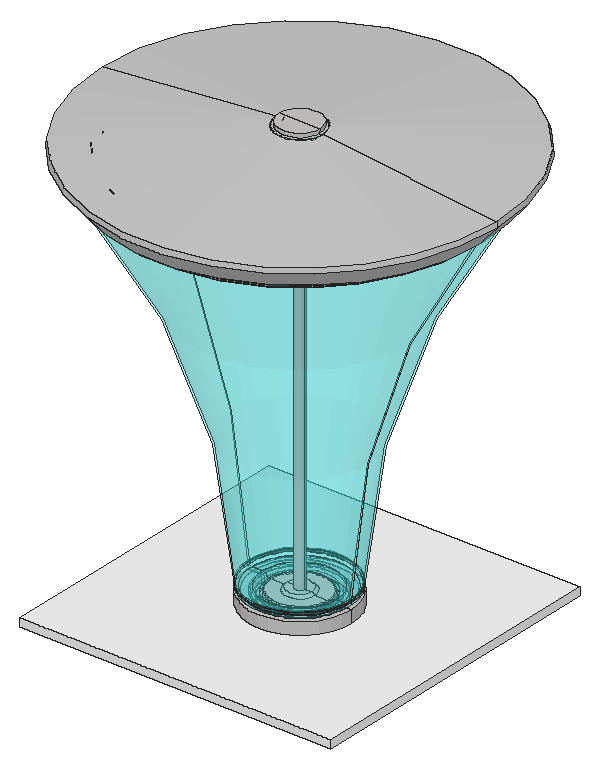
Revit family "BE_77135_de_DE", category Leuchten, Revit 2015
Parameters (values of type "BEGA_77135_Silber_K4")
  built-in parameter 1150104 = 12.774 (stored number, unit not read)
  Windangriffsfläche = "0.15 m²"
  Werkzeuglos = ""
  Wattage = 32 W
  Default Elevation = 0 mm
  built-in parameter 1150113 = 1 (stored number, unit not read)
  built-in parameter 1114218 = 1 (stored number, unit not read)
  Umgebungstemperatur = "25 °C"
  URL = "http://www.bega.de/produkt/77135"
  Typenkommentare = "© 2015 BEGA. Wir behalten uns das Recht vor, technische Änderungen ohne vorherige Ankündigung vorzunehmen."  # constant formula
  Type Image = 77135.png
  built-in parameter 1150134 = 12
  built-in parameter 1150109 = 1 (stored number, unit not read)
  Strom = ""
  built-in parameter 1150110 = 1 (stored number, unit not read)
  Spannung = 0 V
  Sonderanfertigung = no
  Sockeltyp = ""
  Seriennummer [instance] = "Hier können Sie die eindeutige Seriennummer für das Facility Management eintragen."
  Schutzklasse = "II"
  Schutzart = "IP 65"
  Scheinlast = 0 VA
  Produktdatenblatt = "http://www.bega.de/download/datenblaetter/de/77135.pdf"
  Oberflächentemperatur = ""
  Neigungswinkel = 0.00°
  Modell = "77135A"
  Material_19 = BEGA_Dummy_matt
  Material_17 = BEGA_Reflektor
  Material_15 = BEGA_Leuchtmedium_matt
  Material_13 = BEGA_Kunststoff_matt
  Material_12 = BEGA_Kunststoff_klar
  Material_06 = BEGA_Oberfläche_Edelstahl_gebürstet
  Material_02 = BEGA_Oberfläche_Silber_matt
  Material_01 [instance] = BEGA_Oberfläche_Grafit_matt
  Mastzopfhöhe_h = ""
  Mastzopfdurchmesser_d = ""
  Mastzopf_Ø [instance] = "76 mm"  # constant formula
  Masthöhe_H = ""
  Mastdurchmesser_unten_Ø = ""
  Mast Gruppe = ""
  M_W = no
  M_G = no
  M_A = yes
  Logo = 0
  built-in parameter 1114217 = 1 (stored number, unit not read)
  built-in parameter 1150139 = (empty or 0)
  built-in parameter 1150105 = 350.14 (stored number, unit not read)
  built-in parameter 1150114 = 1 (stored number, unit not read)
  Lumens = 4400 lm
  Lichtpunkthöhe [instance] = ""
  built-in parameter 1150115 = 1 (stored number, unit not read)
  Leuchtenlichtstrom = "2369 lm"
  Leuchtenanzahl = ""
  Lebensdauerkriterien = "L70 = 50.000 h"
  Lastklassifizierung = Beleuchtung
  built-in parameter 1150112 = 1 (stored number, unit not read)
  Lampenlichtstrom = "4400 lm"
  Lampe = "LED 32 W"
  LED_Modulbezeichnung = "8x LED-0412/840 "
  built-in parameter 1150142 = (empty or 0)
  Hersteller = "BEGA"  # constant formula
  Halbstreuwinkel = ""
  Gewicht = "10.4 kg"
  Frequenz = "50-60 Hz"
  Farbwiedergabeindex = "Ra > 80"
  Farbtemperaturverschiebung bei Dämpfen der Lampe = <Keine Auswahl>
  Farbtemperatur = "4000 K"
  Color Filter = 16777215
  Erdstücklänge_E = ""
  Erdstück [instance] = no
  built-in parameter 1150133 = 10 (stored number, unit not read)
  Energieeffizienzklasse = "LED A++ - A"
  Einstecktiefe = "110 mm"
  built-in parameter 1150137 = (empty or 0)
  built-in parameter 1150132 = (empty or 0)
  ENEC = ""
  Dimmbar [instance] = "1-10 V SELV"
  Datei für fotometrisches Netz = "BE_77135.IES"
  CE_Konformität = "ja"
  Bestellnummer_Erdstück [instance] = ""
  Bestellnummer = "77135A"
  Beschreibung_Sonderanfertigung = "Hier können Sie Informationen zur Sonderanfertigung eintragen."
  Beschreibung = "Aufsatzleuchte"
  built-in parameter 1150106 = 3.5014 (stored number, unit not read)
  BEGA_Intern_aus = yes
  BEGA_Intern_an = yes
  BEGA_Intern_Konstruktion = yes
  BEGA_Intern = yes
  BEGA_Infotext_Winkel [instance] = no
  BEGA_IES = yes
  BEGA_Dummy = no
  Anschlussleitung = "6.0 m X05BQ-F 4 × 1²"
  Anschlussleistung [instance] = "37.5 W"
  Anschlusskasten = ""
  built-in parameter 1150107 = 4000 (stored number, unit not read)
  built-in parameter 1150102 = (empty or 0)
  built-in parameter 1150138 = (empty or 0)
  Aktualisierung = "2016-01-21T04:09:11"
  Abstand_zur_angestrahlten_Fläche [instance] = ""
  AC/DC = "AC"
Types (5, lengths in mm): name | built-in parameter 1150104 | built-in parameter 1150134 | Modell | M_G | M_A | built-in parameter 1150105 | Lumens | Leuchtenlichtstrom | Lampenlichtstrom | LED_Modulbezeichnung | Farbtemperatur | Datei für fotometrisches Netz | Bestellnummer | built-in parameter 1150106 | built-in parameter 1150107
  (no name) | 12.774 (stored number, unit not read) | 12 | "77135A" | no | yes | 350.14 (stored number, unit not read) | 4400 lm | "2369 lm" | "4400 lm" | "8x LED-0412/840 " | "4000 K" | "BE_77135.IES" | "77135A" | 3.5014 (stored number, unit not read) | 4000 (stored number, unit not read)
  BEGA_77135_Silber_K4 | 12.774 (stored number, unit not read) | 12 | "77135A" | no | yes | 350.14 (stored number, unit not read) | 4400 lm | "2369 lm" | "4400 lm" | "8x LED-0412/840 " | "4000 K" | "BE_77135.IES" | "77135A" | 3.5014 (stored number, unit not read) | 4000 (stored number, unit not read)
  BEGA_77135_Grafit_K4 | 12.774 (stored number, unit not read) | 12 | "77135" | yes | no | 350.14 (stored number, unit not read) | 4400 lm | "2369 lm" | "4400 lm" | "8x LED-0412/840 " | "4000 K" | "BE_77135.IES" | "77135" | 3.5014 (stored number, unit not read) | 4000 (stored number, unit not read)
  BEGA_77135_Grafit_K3 | 11.961 (stored number, unit not read) | (empty or 0) | "77135K3" | yes | no | 327.86 (stored number, unit not read) | 4120 lm | "2218 lm" | "4120 lm" | "8x LED-0412/830 " | "3000 K" | "BE_77135K3.IES" | "77135K3" | 3.2786 (stored number, unit not read) | 3000 (stored number, unit not read)
  BEGA_77135_Silber_K3 | 11.961 (stored number, unit not read) | (empty or 0) | "77135AK3" | no | yes | 327.86 (stored number, unit not read) | 4120 lm | "2218 lm" | "4120 lm" | "8x LED-0412/830 " | "3000 K" | "BE_77135K3.IES" | "77135AK3" | 3.2786 (stored number, unit not read) | 3000 (stored number, unit not read)
Reference planes
  plane 1 "Mitte (Vorne/Hinten)": y = 0
  plane 2: z = 0
  plane 3 "Mitte (Links/Rechts)": x = 0
  plane 4 "Links": x = -255.051
  plane 5 "Rechts": x = 255.051
  plane 6 "Unten": y = -255.051
  plane 7 "Oben": y = 255.051
  plane 8 "Vorne": z = 554.848
  plane 9 "Hinten": z = -110
Forms (mm)
  Extrusion 1, solid, material "BEGA_Platte_Weiss"
    sketch origin (0, -1119.2, 0) x (1, 0, 0) y (0, 1, 0)
      loop
        line (-200, 1319.2) -> (-200, 919.2) -> (200, 919.2) -> (200, 1319.2) -> (-200, 1319.2)
    from 0 to -10
  Extrusion 2, solid, material "BEGA_Dummy_matt", visible <- "BEGA_Dummy"
    sketch origin (77.149, -76.023, 0) x (1, 0, 0) y (0, 1, 0)
      loop
        circle (-77.149, 76.023) r 255
    from -110 to 554.848
Dimensions and locks
  plane 1 "Mitte (Vorne/Hinten)" to Extrusion 1 = 200 mm
  aligned and locked: plane 2 to Extrusion 1
  aligned and locked: level to Extrusion 1
Nested families
  nested 1: "BE_77135_Leuchtenkörper" at (0, 0, 0), type "BE_77135_Leuchtenkörper"
    with BEGA_Infotext_Winkel no
Connectors
  electrical at (0, 0, 0), driven by "Lastklassifizierung", driven by "Spannung", driven by "Scheinlast"
    settings: index 1, voltage 0 V, apparent load 0 VA, apparent load phase1 0 VA, apparent load phase2 0 VA, apparent load phase3 0 VA, power factor 1, load classification "Beleuchtung", number of poles 1, system type 31, power factor state 1, is connector primary yes, connector utility no, sub classification motor no, connector description ""
Definition of nested family "BE_77135_Leuchtenkörper"
  Parameters (values of type "BE_77135_Leuchtenkörper")
    Default Elevation = 1 mm
    URL = "http://www.bega.de/de/produkt"
    Type Comments = "© 2015 BEGA. Wir behalten uns das Recht vor, technische Änderungen ohne vorherige Ankündigung vorzunehmen. "  # constant formula
    Type Image = Bega_Revit_Typenbild_78x78.png
    Material_19 = none
    Material_17 = none
    Material_15 = none
    Material_13 = none
    Material_12 = none
    Material_06 = none
    Material_02 = none
    Material_01 = none
    M_G = yes
    M_A = yes
    Länge_Platte = 200 mm  # constant formula
    Höhe_Platte = -10 mm  # constant formula
    Manufacturer = "BEGA"  # constant formula
    Breite_Platte = 200 mm  # constant formula
    BEGA_Intern = yes
    BEGA_Infotext_Winkel [instance] = no
    Aktualisierung = "Stand: 25.03.2015"  # constant formula
  Reference planes
    plane 1 "Mitte (Oben/Unten)": y = 0
    plane 2: z = 0
    plane 3 "Mitte (Links/Rechts)": x = 0
    plane 4: x = 255.051
    plane 5: x = -255.051
    plane 6: z = 554.848
    plane 7: z = -110
    plane 8: y = 255.051
    plane 9: y = -255.051
  Forms (mm)
    Extrusion 1, solid, detail levels medium
      sketch origin (0, 0, 0) x (1, 0, 0) y (0, 1, 0)
        loop
          line (-100, 100) -> (-100, -100) -> (100, -100) -> (100, 100) -> (-100, 100)
      from 0 to -10 <- "Höhe_Platte"
    Revolve 2, solid, material <- "Material_01", visible <- "M_G", detail levels medium+fine
      sketch origin (0, 0, 0) x (1, 0, 0) y (0, 0, 1)
        loop
          line (-44.341, -110) -> (-42.269, -107.928) -> (-38.567, -1.93)
          arc (-38.567, -1.93) -> (-37.958, -0.561) -> (-36.569, 0) r 2
          line (-36.569, 0) -> (-24.622, 0)
          arc (-24.622, 0) -> (-23.122, -0.402) -> (-22.021, -1.5) r 3
          line (-22.021, -1.5) -> (-20.866, -3.5)
          arc (-20.866, -3.5) -> (-19.77, -4.597) -> (-18.273, -5) r 3
          line (-18.273, -5) -> (-6.5, -5) -> (-6.5, 18) -> (-16, 18) -> (-19, 15) -> (-36.034, 15)
          arc (-36.034, 15) -> (-36.729, 14.719) -> (-37.034, 14.034) r 1
          line (-37.034, 14.034) -> (-37.349, 5) -> (-50.351, 5) -> (-50.666, 14.037)
          arc (-50.666, 14.037) -> (-50.972, 14.72) -> (-51.666, 15) r 1
          line (-51.666, 15) -> (-66.5, 15) -> (-66.5, -11.344)
          arc (-66.5, -11.344) -> (-66.232, -12.344) -> (-65.5, -13.077) r 2
          line (-65.5, -13.077) -> (-55.491, -18.856)
          arc (-55.491, -18.856) -> (-55.132, -19.221) -> (-55, -19.716) r 1
          line (-55, -19.716) -> (-55, -110) -> (-44.341, -110)
        axis (0, 18) -> (0, -110)
      angle from 0 to 360
    Revolve 3, solid, material <- "Material_12", detail levels medium+fine
      sketch origin (0, 0, 0) x (1, 0, 0) y (0, 0, 1)
        loop
          line (-44.305, 7.5) -> (-40.3, 7.5) -> (-40.571, 12.675)
          arc (-40.571, 12.675) -> (-42.681, 17.511) -> (-47.569, 19.5) r 7
          line (-47.569, 19.5) -> (-61.573, 19.5)
          arc (-61.573, 19.5) -> (-63.658, 20.344) -> (-64.571, 22.4) r 3
          line (-64.571, 22.4) -> (-64.672, 25.294)
          arc (-64.672, 25.294) -> (-110.225, 270.595) -> (-225.662, 491.779) r 842
          arc (-225.662, 491.779) -> (-226.065, 492.542) -> (-226.234, 493.389) r 3
          line (-226.234, 493.389) -> (-227.497, 517.5) -> (-229.5, 517.5) -> (-228.23, 493.275)
          arc (-228.23, 493.275) -> (-227.948, 491.869) -> (-227.279, 490.601) r 5
          arc (-227.279, 490.601) -> (-112.106, 269.915) -> (-66.669, 25.164) r 840
          line (-66.669, 25.164) -> (-66.574, 22.448)
          arc (-66.574, 22.448) -> (-64.506, 17.532) -> (-59.574, 15.5) r 7
          line (-59.574, 15.5) -> (-47.572, 15.5)
          arc (-47.572, 15.5) -> (-45.507, 14.676) -> (-44.576, 12.657) r 3
          line (-44.576, 12.657) -> (-44.305, 7.5)
        axis (0, 517.5) -> (0, 7.5)
      angle from 0 to 360
    Revolve 4, solid, material <- "Material_06", detail levels medium+fine
      sketch origin (0, 0, 0) x (1, 0, 0) y (0, 0, 1)
        loop
          line (-5, 5) -> (-5, 473.998) -> (-7.5, 475.5) -> (-7.5, 549.5) -> (-12.25, 549.5) -> (-12.25, 462.5) -> (-15, 462.5) -> (-15, 460) -> (-6.5, 460) -> (-6.5, 5) -> (-5, 5)
        axis (0, 549.5) -> (0, 5)
      angle from 0 to 360
    Revolve 5, solid, material <- "Material_01", visible <- "M_G", detail levels medium+fine
      sketch origin (0, 0, 0) x (1, 0, 0) y (0, 0, 1)
        loop
          line (-234.437, 497.148) -> (-231.997, 497.148) -> (-231.502, 525.5) -> (-223.333, 525.5) -> (-223.158, 515.5) -> (-219.658, 515.5) -> (-219.335, 524.748) -> (-200.014, 524.748) -> (-199.717, 528.992) -> (-29.787, 545.148) -> (0, 545.148) -> (0, 549.648) -> (-29.597, 549.648)
          arc (-29.597, 549.648) -> (-30, 549.638) -> (-30.401, 549.61) r 8.501
          line (-30.401, 549.61) -> (-253.945, 528.357) -> (-255.051, 521.648)
          arc (-255.051, 521.648) -> (-244.613, 509.508) -> (-234.437, 497.148) r 750
        axis (0, 549.648) -> (0, 497.148)
      angle from 0 to 360
    Revolve 6, solid, material <- "Material_06", detail levels fine
      sketch origin (0, 0, 0) x (1, 0, 0) y (0, 0, 1)
        loop
          line (-26, 554.848) -> (-26, 550.348) -> (-18, 550.348) -> (-18, 553.348) -> (-6.8, 553.348) -> (-6.8, 547.148) -> (0, 547.148) -> (0, 554.848) -> (-26, 554.848)
        axis (0, 554.848) -> (0, 547.148)
      angle from 0 to 360
    Revolve 7, solid, material <- "Material_15", detail levels medium+fine
      sketch origin (0, 0, 0) x (1, 0, 0) y (0, 0, 1)
        loop
          line (-207.998, 524.748) -> (-207.998, 523.198) -> (-189.998, 523.198) -> (-189.998, 524.748) -> (-207.998, 524.748)
        axis (0, 524.748) -> (0, 523.198)
      angle from 0 to 360
    Revolve 8, solid, material <- "Material_06", detail levels medium+fine
      sketch origin (0, 0, 0) x (1, 0, 0) y (0, 0, 1)
        loop
          line (56, -26) -> (52.576, -26) -> (52.576, -30) -> (56, -30) -> (56, -26)
        axis (56, -30) -> (52.576, -30)
      angle from 0 to 360
    Revolve 9, solid, material <- "Material_06", detail levels fine
      sketch origin (0, 0, -60.042) x (1, 0, 0) y (0, 0, 1)
        loop
          line (56, -26) -> (52.553, -26) -> (52.553, -30) -> (56, -30) -> (56, -26)
        axis (56, -30) -> (52.553, -30)
      angle from 0 to 360
    Revolve 10, solid, material <- "Material_06", detail levels medium+fine
      sketch origin (0, 0, 0) x (-0.5, 0.866025, 0) y (0, 0, -1)
        loop
          line (56, 26) -> (56, 30) -> (52.576, 30) -> (52.576, 26) -> (56, 26)
        axis (56, 30) -> (52.576, 30)
      angle from 0 to 360
    Revolve 11, solid, material <- "Material_06", detail levels fine
      sketch origin (0, 0, -60.042) x (-0.5, 0.866025, 0) y (0, 0, -1)
        loop
          line (56, 26) -> (56, 30) -> (52.645, 30) -> (52.645, 26) -> (56, 26)
        axis (56, 30) -> (52.645, 30)
      angle from 0 to 360
    Revolve 12, solid, material <- "Material_06", detail levels medium+fine
      sketch origin (0, 0, 0) x (-0.5, -0.866025, 0) y (0, 0, -1)
        loop
          line (56, 26) -> (56, 30) -> (52.576, 30) -> (52.576, 26) -> (56, 26)
        axis (56, 30) -> (52.576, 30)
      angle from 0 to 360
    Revolve 13, solid, material <- "Material_06", detail levels fine
      sketch origin (0, 0, -60.042) x (-0.5, -0.866025, 0) y (0, 0, -1)
        loop
          line (56, 26) -> (56, 30) -> (52.57, 30) -> (52.57, 26) -> (56, 26)
        axis (56, 30) -> (52.57, 30)
      angle from 0 to 360
    Revolve 14, solid, material <- "Material_13", detail levels medium+fine
      sketch origin (0, 0, 0) x (1, 0, 0) y (0, 0, 1)
        loop
          line (-224, 514.4) -> (-224, 504.081)
          arc (-224, 504.081) -> (-222.768, 500.273) -> (-219.54, 497.909) r 6.5
          arc (-219.54, 497.909) -> (-117.695, 472.537) -> (-13.2, 462.689) r 699.501
          line (-13.2, 462.689) -> (-13.2, 465.69)
          arc (-13.2, 465.69) -> (-117.397, 475.53) -> (-218.943, 500.871) r 696.501
          arc (-218.943, 500.871) -> (-220.432, 501.96) -> (-221, 503.717) r 3
          line (-221, 503.717) -> (-221, 514.4) -> (-224, 514.4)
        axis (0, 514.4) -> (0, 462.689)
      angle from 0 to 360
    Revolve 15, solid, material <- "Material_17", detail levels medium+fine
      sketch origin (0, 0, 0) x (1, 0, 0) y (0, 0, 1)
        loop
          line (-210.958, 523.748) -> (-210.778, 519.622)
          arc (-210.778, 519.622) -> (-207.075, 507.731) -> (-201.204, 496.748) r 66
          line (-201.204, 496.748) -> (-200, 496.748)
          arc (-200, 496.748) -> (-206.007, 507.773) -> (-209.782, 519.748) r 65
          line (-209.782, 519.748) -> (-209.959, 523.791)
          arc (-209.959, 523.791) -> (-210.266, 524.47) -> (-210.958, 524.748) r 1
          line (-210.958, 524.748) -> (-219, 524.748) -> (-219, 523.748) -> (-210.958, 523.748)
        axis (0, 524.748) -> (0, 496.748)
      angle from 0 to 360
    Revolve 16, solid, material <- "Material_02", visible <- "M_A", detail levels medium+fine
      sketch origin (0, 0, 0) x (1, 0, 0) y (0, 0, 1)
        loop
          line (-44.341, -110) -> (-42.269, -107.928) -> (-38.567, -1.93)
          arc (-38.567, -1.93) -> (-37.958, -0.561) -> (-36.569, 0) r 2
          line (-36.569, 0) -> (-24.622, 0)
          arc (-24.622, 0) -> (-23.122, -0.402) -> (-22.021, -1.5) r 3
          line (-22.021, -1.5) -> (-20.866, -3.5)
          arc (-20.866, -3.5) -> (-19.77, -4.597) -> (-18.273, -5) r 3
          line (-18.273, -5) -> (-6.5, -5) -> (-6.5, 18) -> (-16, 18) -> (-19, 15) -> (-36.034, 15)
          arc (-36.034, 15) -> (-36.729, 14.719) -> (-37.034, 14.034) r 1
          line (-37.034, 14.034) -> (-37.349, 5) -> (-50.351, 5) -> (-50.666, 14.037)
          arc (-50.666, 14.037) -> (-50.972, 14.72) -> (-51.666, 15) r 1
          line (-51.666, 15) -> (-66.5, 15) -> (-66.5, -11.344)
          arc (-66.5, -11.344) -> (-66.232, -12.344) -> (-65.5, -13.077) r 2
          line (-65.5, -13.077) -> (-55.491, -18.856)
          arc (-55.491, -18.856) -> (-55.132, -19.221) -> (-55, -19.716) r 1
          line (-55, -19.716) -> (-55, -110) -> (-44.341, -110)
        axis (0, 18) -> (0, -110)
      angle from 0 to 360
    Revolve 17, solid, material <- "Material_02", visible <- "M_A", detail levels medium+fine
      sketch origin (0, 0, 0) x (1, 0, 0) y (0, 0, 1)
        loop
          line (-234.437, 497.148) -> (-231.997, 497.148) -> (-231.502, 525.5) -> (-223.333, 525.5) -> (-223.158, 515.5) -> (-219.658, 515.5) -> (-219.335, 524.748) -> (-200.014, 524.748) -> (-199.717, 528.992) -> (-29.787, 545.148) -> (0, 545.148) -> (0, 549.648) -> (-29.597, 549.648)
          arc (-29.597, 549.648) -> (-30, 549.638) -> (-30.401, 549.61) r 8.501
          line (-30.401, 549.61) -> (-253.945, 528.357) -> (-255.051, 521.648)
          arc (-255.051, 521.648) -> (-244.613, 509.508) -> (-234.437, 497.148) r 750
        axis (0, 549.648) -> (0, 497.148)
      angle from 0 to 360
  Dimensions and locks
    equal spacing: Extrusion 1 sketch curve, plane 3 "Mitte (Links/Rechts)", Extrusion 1 sketch curve
    equal spacing: Extrusion 1 sketch curve, plane 1 "Mitte (Oben/Unten)", Extrusion 1 sketch curve
    "Länge_Platte": Extrusion 1 sketch curve to Extrusion 1 sketch curve
    "Breite_Platte": Extrusion 1 sketch curve to Extrusion 1 sketch curve
    plane 1 "Mitte (Oben/Unten)" to Extrusion 1 = 100 mm  (x3)
    aligned and locked: plane 2 to Extrusion 1
    aligned and locked: level to Extrusion 1
    aligned and locked: Revolve 2 sketch curve to plane 3 "Mitte (Links/Rechts)"
    aligned and locked: Revolve 3 sketch curve to plane 3 "Mitte (Links/Rechts)"
    aligned and locked: Revolve 4 sketch curve to plane 3 "Mitte (Links/Rechts)"
    aligned and locked: Revolve 5 sketch curve to plane 3 "Mitte (Links/Rechts)"
    aligned and locked: Revolve 6 sketch curve to plane 3 "Mitte (Links/Rechts)"
    aligned and locked: Revolve 7 sketch curve to plane 3 "Mitte (Links/Rechts)"
    aligned and locked: Revolve 14 sketch curve to plane 3 "Mitte (Links/Rechts)"
    aligned and locked: Revolve 15 sketch curve to plane 3 "Mitte (Links/Rechts)"
  Automatic sketch dimensions
    Revolve 2 sketch curve to plane 3 "Mitte (Links/Rechts)" = 6.5 mm
    Revolve 2 sketch curve to Revolve 2 sketch curve = 9.5 mm
    Revolve 2 sketch curve to level = 2 mm  (x2)
    Revolve 2 sketch curve to Revolve 2 sketch curve = 11.768 mm
    Revolve 2 sketch curve to Revolve 2 sketch curve = 0.005 mm
    Revolve 2 sketch curve to Revolve 2 sketch curve = 3 mm  (x3)
    level to Revolve 2 sketch curve = 0 mm
    Revolve 2 sketch curve to Revolve 2 sketch curve = 6.354 mm
    Revolve 2 sketch curve to Revolve 2 sketch curve = 17.034 mm
    Revolve 2 sketch curve to Revolve 2 sketch curve = 11.947 mm
    level to Revolve 2 sketch curve = 14.034 mm
    Revolve 2 sketch curve to Revolve 2 sketch curve = 0.999 mm  (x2)
    level to Revolve 2 sketch curve = 5 mm
    Revolve 2 sketch curve to Revolve 2 sketch curve = 0.781 mm
    Revolve 2 sketch curve to level = 1.93 mm
    Revolve 2 sketch curve to Revolve 2 sketch curve = 1.999 mm
    Revolve 2 sketch curve to plane 3 "Mitte (Links/Rechts)" = 42.269 mm
    Revolve 2 sketch curve to Revolve 2 sketch curve = 2.072 mm  (x2)
    Revolve 2 sketch curve to Revolve 2 sketch curve = 13.002 mm
    level to Revolve 2 sketch curve = 14.037 mm
    Revolve 2 sketch curve to Revolve 2 sketch curve = 0.316 mm
    Revolve 2 sketch curve to Revolve 2 sketch curve = 10.659 mm
    Revolve 2 sketch curve to level = 18.856 mm
    Revolve 2 sketch curve to Revolve 2 sketch curve = 0.491 mm
    Revolve 2 sketch curve to Revolve 2 sketch curve = 1 mm  (x2)
    Revolve 2 sketch curve to Revolve 2 sketch curve = 9.009 mm
    Revolve 2 sketch curve to Revolve 2 sketch curve = 14.834 mm
    Revolve 2 sketch curve to level = 11.344 mm
    Revolve 2 sketch curve to level = 3 mm
    Revolve 2 sketch curve to Revolve 2 sketch curve = 0.034 mm
    Revolve 2 sketch curve to Revolve 2 sketch curve = 0.037 mm
    Revolve 2 sketch curve to Revolve 2 sketch curve = 2.593 mm
    Revolve 2 sketch curve to level = 3.5 mm
    Revolve 2 sketch curve to Revolve 2 sketch curve = 0 mm  (x3)
    Revolve 2 sketch curve to level = 1.5 mm
    Revolve 2 sketch curve to Revolve 2 sketch curve = 1.155 mm
    Revolve 2 sketch curve to Revolve 2 sketch curve = 0.003 mm
    Revolve 2 sketch curve to level = 13.077 mm
    Revolve 2 sketch curve to Revolve 2 sketch curve = 499.6 mm
    Revolve 3 sketch curve to Revolve 3 sketch curve = 0 mm  (x19)
    level to Revolve 3 sketch curve = 7.5 mm
    Revolve 3 sketch curve to plane 3 "Mitte (Links/Rechts)" = 40.3 mm
    level to Revolve 3 sketch curve = 12.675 mm
    Revolve 3 sketch curve to Revolve 3 sketch curve = 0.271 mm  (x2)
    Revolve 3 sketch curve to Revolve 3 sketch curve = 4.005 mm
    Revolve 3 sketch curve to Revolve 3 sketch curve = 6.998 mm
    Revolve 3 sketch curve to Revolve 3 sketch curve = 0.003 mm
    Revolve 3 sketch curve to Revolve 3 sketch curve = 12.005 mm
    Revolve 3 sketch curve to Revolve 3 sketch curve = 1.999 mm
    level to Revolve 3 sketch curve = 22.4 mm
    Revolve 3 sketch curve to Revolve 3 sketch curve = 2.998 mm
    level to Revolve 3 sketch curve = 22.448 mm
    Revolve 3 sketch curve to Revolve 3 sketch curve = 2.003 mm  (x2)
    level to Revolve 3 sketch curve = 25.164 mm
    Revolve 3 sketch curve to Revolve 3 sketch curve = 0.095 mm
    Revolve 3 sketch curve to Revolve 3 sketch curve = 4.26 mm
    Revolve 3 sketch curve to Revolve 3 sketch curve = 4.993 mm
    Revolve 3 sketch curve to level = 4.092 mm
    Revolve 3 sketch curve to Revolve 3 sketch curve = 5 mm
    Revolve 3 sketch curve to Revolve 3 sketch curve = 4 mm
    Revolve 3 sketch curve to Revolve 3 sketch curve = 24.225 mm
    level to Revolve 3 sketch curve = 12.657 mm
    Revolve 3 sketch curve to Revolve 3 sketch curve = 2.993 mm
    level to Revolve 3 sketch curve = 25.294 mm
    Revolve 3 sketch curve to Revolve 3 sketch curve = 1.997 mm
    Revolve 3 sketch curve to Revolve 3 sketch curve = 2.568 mm
    Revolve 3 sketch curve to Revolve 3 sketch curve = 0.571 mm
    Revolve 3 sketch curve to Revolve 3 sketch curve = 1.616 mm
    Revolve 3 sketch curve to Revolve 3 sketch curve = 2091.558 mm
    Revolve 4 sketch curve to plane 3 "Mitte (Links/Rechts)" = 5 mm
    Revolve 4 sketch curve to plane 3 "Mitte (Links/Rechts)" = 6.5 mm
    Revolve 4 sketch curve to plane 3 "Mitte (Links/Rechts)" = 7.5 mm
    Revolve 4 sketch curve to Revolve 4 sketch curve = 5.75 mm
    Revolve 4 sketch curve to Revolve 4 sketch curve = 2.75 mm
    level to Revolve 4 sketch curve = 5 mm
    Revolve 4 sketch curve to Revolve 4 sketch curve = 2.5 mm
    Revolve 4 sketch curve to Revolve 4 sketch curve = 11.498 mm
    Revolve 4 sketch curve to Revolve 4 sketch curve = 1.502 mm
    Revolve 4 sketch curve to Revolve 4 sketch curve = 74 mm
    Revolve 4 sketch curve to Revolve 4 sketch curve = 2059.558 mm
    Revolve 5 sketch curve to Revolve 5 sketch curve = 29.597 mm
    Revolve 5 sketch curve to Revolve 5 sketch curve = 0.19 mm  (x2)
    Revolve 5 sketch curve to Revolve 5 sketch curve = 19.321 mm
    Revolve 5 sketch curve to Revolve 5 sketch curve = 0.323 mm
    Revolve 5 sketch curve to Revolve 5 sketch curve = 3.5 mm
    Revolve 5 sketch curve to Revolve 5 sketch curve = 3.997 mm
    Revolve 5 sketch curve to Revolve 5 sketch curve = 8.17 mm
    Revolve 5 sketch curve to Revolve 5 sketch curve = 8.839 mm
    Revolve 5 sketch curve to Revolve 5 sketch curve = 2.44 mm
    Revolve 5 sketch curve to Revolve 5 sketch curve = 22.443 mm
    Revolve 5 sketch curve to Revolve 5 sketch curve = 1.105 mm
    level to Revolve 5 sketch curve = 26.648 mm
    Revolve 5 sketch curve to Revolve 5 sketch curve = 18.352 mm
    Revolve 5 sketch curve to Revolve 5 sketch curve = 9.248 mm
    Revolve 5 sketch curve to Revolve 5 sketch curve = 0.752 mm
    Revolve 5 sketch curve to Revolve 5 sketch curve = 6.709 mm
    Revolve 5 sketch curve to Revolve 5 sketch curve = 4.245 mm
    Revolve 5 sketch curve to Revolve 5 sketch curve = 12.154 mm
    Revolve 5 sketch curve to Revolve 5 sketch curve = 4.001 mm
    Revolve 5 sketch curve to Revolve 5 sketch curve = 4.5 mm
    Revolve 5 sketch curve to Revolve 5 sketch curve = 0 mm  (x3)
    Revolve 5 sketch curve to Revolve 5 sketch curve = 0.804 mm
    Revolve 5 sketch curve to Revolve 5 sketch curve = 0.038 mm
    Revolve 6 sketch curve to plane 3 "Mitte (Links/Rechts)" = 0 mm
    Revolve 6 sketch curve to plane 3 "Mitte (Links/Rechts)" = 6.8 mm
    Revolve 6 sketch curve to Revolve 6 sketch curve = 11.2 mm
    Revolve 6 sketch curve to Revolve 6 sketch curve = 8 mm
    Revolve 6 sketch curve to Revolve 6 sketch curve = 3.2 mm
    Revolve 6 sketch curve to Revolve 6 sketch curve = 6.2 mm
    Revolve 6 sketch curve to Revolve 6 sketch curve = 1.5 mm
    Revolve 6 sketch curve to Revolve 6 sketch curve = 2054.21 mm
    Revolve 7 sketch curve to Revolve 7 sketch curve = 1.55 mm
    Revolve 7 sketch curve to Revolve 7 sketch curve = 2084.31 mm
    Revolve 8 sketch curve to level = 26 mm
    plane 3 "Mitte (Links/Rechts)" to Revolve 8 sketch curve = 52.576 mm
    Revolve 8 sketch curve to Revolve 8 sketch curve = 3.424 mm
    Revolve 8 sketch curve to Revolve 8 sketch curve = 4 mm
    Revolve 8 sketch curve to Revolve 8 sketch curve = 12.576 mm
    Revolve 8 sketch curve to Revolve 8 sketch curve = 2 mm
    plane 3 "Mitte (Links/Rechts)" to Revolve 9 sketch curve = 52.553 mm
    Revolve 9 sketch curve to Revolve 9 sketch curve = 3.447 mm
    Revolve 9 sketch curve to Revolve 9 sketch curve = 4 mm
    Revolve 9 sketch curve to Revolve 9 sketch curve = 12.553 mm
    Revolve 9 sketch curve to Revolve 9 sketch curve = 2 mm
    Revolve 10 sketch curve to level = 26 mm
    Revolve 10 sketch curve to Revolve 10 sketch curve = 3.424 mm
    Revolve 10 sketch curve to Revolve 10 sketch curve = 4 mm
    Revolve 10 sketch curve to Revolve 10 sketch curve = 12.576 mm
    Revolve 10 sketch curve to Revolve 10 sketch curve = 2 mm
    Revolve 10 sketch curve to Revolve 10 sketch curve = 0 mm
    Revolve 11 sketch curve to Revolve 11 sketch curve = 3.355 mm
    Revolve 11 sketch curve to Revolve 11 sketch curve = 4 mm
    Revolve 11 sketch curve to Revolve 11 sketch curve = 12.646 mm
    Revolve 11 sketch curve to Revolve 11 sketch curve = 2 mm
    Revolve 11 sketch curve to Revolve 11 sketch curve = 0 mm
    Revolve 12 sketch curve to level = 26 mm
    Revolve 12 sketch curve to Revolve 12 sketch curve = 3.424 mm
    Revolve 12 sketch curve to Revolve 12 sketch curve = 4 mm
    Revolve 12 sketch curve to Revolve 12 sketch curve = 12.576 mm
    Revolve 12 sketch curve to Revolve 12 sketch curve = 2 mm
    Revolve 12 sketch curve to Revolve 12 sketch curve = 0 mm
    Revolve 13 sketch curve to Revolve 13 sketch curve = 3.43 mm
    Revolve 13 sketch curve to Revolve 13 sketch curve = 4 mm
    Revolve 13 sketch curve to Revolve 13 sketch curve = 12.57 mm
    Revolve 13 sketch curve to Revolve 13 sketch curve = 2 mm
    Revolve 13 sketch curve to Revolve 13 sketch curve = 0 mm
    Revolve 3 sketch curve to plane 3 "Mitte (Links/Rechts)" = 223.238 mm
    Revolve 3 sketch curve to Revolve 3 sketch curve = 839.49 mm
    Revolve 5 sketch curve to Revolve 5 sketch curve = 0.297 mm
    Revolve 5 sketch curve to Revolve 5 sketch curve = 563.449 mm
    Revolve 7 sketch curve to plane 3 "Mitte (Links/Rechts)" = 189.998 mm
    Revolve 7 sketch curve to Revolve 7 sketch curve = 18 mm
    Revolve 2 sketch curve to Revolve 2 sketch curve = 2591.058 mm
    Revolve 3 sketch curve to Revolve 3 sketch curve = 2.674 mm
    Revolve 4 sketch curve to Revolve 4 sketch curve = 455 mm
    level to Revolve 5 sketch curve = 497.148 mm
    level to Revolve 6 sketch curve = 547.148 mm
    level to Revolve 7 sketch curve = 523.198 mm
    Revolve 2 sketch curve to Revolve 2 sketch curve = 88.212 mm
    Revolve 3 sketch curve to level = 609.6 mm
    Revolve 4 sketch curve to level = 609.6 mm
    Revolve 5 sketch curve to level = 609.6 mm
    Revolve 6 sketch curve to level = 609.6 mm
    Revolve 7 sketch curve to level = 609.6 mm
    Revolve 9 sketch curve to level = 90.042 mm
    Revolve 9 sketch curve to Revolve 9 sketch curve = 0 mm
    Revolve 11 sketch curve to level = 86.042 mm
    Revolve 13 sketch curve to level = 86.042 mm
    Revolve 8 sketch curve to Revolve 8 sketch curve = 0 mm
    Revolve 14 sketch curve to Revolve 14 sketch curve = 0 mm  (x8)
    Revolve 14 sketch curve to plane 5 = 31.051 mm
    Revolve 14 sketch curve to Revolve 14 sketch curve = 6.5 mm
    plane 3 "Mitte (Links/Rechts)" to Revolve 14 sketch curve = 0 mm
    Revolve 14 sketch curve to plane 6 = 50.767 mm
    Revolve 14 sketch curve to Revolve 14 sketch curve = 10.319 mm
    plane 6 to Revolve 14 sketch curve = 607.217 mm
    Revolve 14 sketch curve to Revolve 14 sketch curve = 3 mm
    Revolve 14 sketch curve to Revolve 14 sketch curve = 2.04 mm
    Revolve 14 sketch curve to Revolve 14 sketch curve = 0.597 mm
    Revolve 14 sketch curve to plane 3 "Mitte (Links/Rechts)" = 13.2 mm
    Revolve 14 sketch curve to Revolve 14 sketch curve = 2.962 mm
    Revolve 14 sketch curve to Revolve 14 sketch curve = 0.364 mm
    Revolve 14 sketch curve to Revolve 14 sketch curve = 0.5 mm
    Revolve 14 sketch curve to plane 7 = 499.6 mm
    Revolve 14 sketch curve to Revolve 14 sketch curve = 1446.993 mm
    Revolve 15 sketch curve to plane 5 = 36.051 mm
    Revolve 15 sketch curve to plane 6 = 31.1 mm
    Revolve 15 sketch curve to Revolve 15 sketch curve = 8.042 mm
    Revolve 15 sketch curve to Revolve 15 sketch curve = 1 mm
    Revolve 15 sketch curve to Revolve 15 sketch curve = 0.999 mm
    Revolve 15 sketch curve to Revolve 15 sketch curve = 0.177 mm
    Revolve 15 sketch curve to plane 6 = 21.635 mm
    Revolve 15 sketch curve to Revolve 15 sketch curve = 4.044 mm
    Revolve 15 sketch curve to Revolve 15 sketch curve = 0 mm  (x6)
    Revolve 15 sketch curve to Revolve 15 sketch curve = 9.782 mm
    Revolve 15 sketch curve to Revolve 15 sketch curve = 0.995 mm
    Revolve 15 sketch curve to Revolve 15 sketch curve = 0.126 mm
    Revolve 15 sketch curve to Revolve 15 sketch curve = 1.204 mm
    Revolve 15 sketch curve to plane 7 = 499.6 mm
    plane 6 to Revolve 15 sketch curve = 2054.21 mm
    plane 5 to Revolve 5 sketch curve = 0 mm
    plane 6 to Revolve 5 sketch curve = 2054.21 mm
    Revolve 5 sketch curve to plane 3 "Mitte (Links/Rechts)" = 0 mm
    Revolve 16 sketch curve to plane 7 = 0 mm
    plane 3 "Mitte (Links/Rechts)" to Revolve 16 sketch curve = 0 mm
    Revolve 16 sketch curve to plane 3 "Mitte (Links/Rechts)" = 6.5 mm
    Revolve 16 sketch curve to Revolve 16 sketch curve = 9.5 mm
    Revolve 16 sketch curve to level = 2 mm  (x2)
    Revolve 16 sketch curve to Revolve 16 sketch curve = 11.768 mm
    Revolve 16 sketch curve to Revolve 16 sketch curve = 0.005 mm
    Revolve 16 sketch curve to Revolve 16 sketch curve = 3 mm  (x3)
    level to Revolve 16 sketch curve = 0 mm
    Revolve 16 sketch curve to Revolve 16 sketch curve = 6.354 mm
    Revolve 16 sketch curve to Revolve 16 sketch curve = 17.034 mm
    Revolve 16 sketch curve to Revolve 16 sketch curve = 11.947 mm
    level to Revolve 16 sketch curve = 14.034 mm
    Revolve 16 sketch curve to Revolve 16 sketch curve = 0.999 mm  (x2)
    level to Revolve 16 sketch curve = 5 mm
    Revolve 16 sketch curve to Revolve 16 sketch curve = 0.781 mm
    Revolve 16 sketch curve to level = 1.93 mm
    Revolve 16 sketch curve to Revolve 16 sketch curve = 1.999 mm
    plane 7 to Revolve 16 sketch curve = 2.072 mm
    Revolve 16 sketch curve to plane 3 "Mitte (Links/Rechts)" = 42.269 mm
    Revolve 16 sketch curve to Revolve 16 sketch curve = 2.072 mm
    Revolve 16 sketch curve to Revolve 16 sketch curve = 13.002 mm
    level to Revolve 16 sketch curve = 14.037 mm
    Revolve 16 sketch curve to Revolve 16 sketch curve = 0.316 mm
    Revolve 16 sketch curve to Revolve 16 sketch curve = 10.659 mm
    Revolve 16 sketch curve to level = 18.856 mm
    Revolve 16 sketch curve to Revolve 16 sketch curve = 0.491 mm
    Revolve 16 sketch curve to Revolve 16 sketch curve = 1 mm  (x2)
    Revolve 16 sketch curve to Revolve 16 sketch curve = 9.009 mm
    Revolve 16 sketch curve to Revolve 16 sketch curve = 14.834 mm
    Revolve 16 sketch curve to level = 11.344 mm
    Revolve 16 sketch curve to level = 3 mm
    Revolve 16 sketch curve to Revolve 16 sketch curve = 0.034 mm
    Revolve 16 sketch curve to Revolve 16 sketch curve = 0.037 mm
    Revolve 16 sketch curve to Revolve 16 sketch curve = 2.593 mm
    Revolve 16 sketch curve to level = 3.5 mm
    Revolve 16 sketch curve to Revolve 16 sketch curve = 0 mm  (x3)
    Revolve 16 sketch curve to level = 1.5 mm
    Revolve 16 sketch curve to Revolve 16 sketch curve = 1.155 mm
    Revolve 16 sketch curve to Revolve 16 sketch curve = 0.003 mm
    Revolve 16 sketch curve to level = 13.077 mm
    Revolve 16 sketch curve to plane 7 = 499.6 mm
    plane 6 to Revolve 16 sketch curve = 2054.21 mm
    plane 5 to Revolve 17 sketch curve = 0 mm
    Revolve 17 sketch curve to plane 3 "Mitte (Links/Rechts)" = 0 mm  (x2)
    level to Revolve 17 sketch curve = 26.648 mm
    plane 5 to Revolve 17 sketch curve = 563.449 mm
    Revolve 17 sketch curve to plane 5 = 1.105 mm
    Revolve 17 sketch curve to plane 5 = 20.614 mm
    Revolve 17 sketch curve to Revolve 17 sketch curve = 2.44 mm
    Revolve 17 sketch curve to Revolve 17 sketch curve = 22.443 mm
    Revolve 17 sketch curve to Revolve 17 sketch curve = 8.17 mm
    Revolve 17 sketch curve to Revolve 17 sketch curve = 0.175 mm
    Revolve 17 sketch curve to Revolve 17 sketch curve = 3.5 mm
    Revolve 17 sketch curve to Revolve 17 sketch curve = 3.997 mm
    Revolve 17 sketch curve to Revolve 17 sketch curve = 19.321 mm
    Revolve 17 sketch curve to plane 6 = 25.855 mm
    Revolve 17 sketch curve to Revolve 17 sketch curve = 0.297 mm
    Revolve 17 sketch curve to plane 6 = 9.7 mm
    Revolve 17 sketch curve to Revolve 17 sketch curve = 29.787 mm
    Revolve 17 sketch curve to Revolve 17 sketch curve = 0.19 mm
    Revolve 17 sketch curve to Revolve 17 sketch curve = 31.845 mm
    Revolve 17 sketch curve to Revolve 17 sketch curve = 18.352 mm
    Revolve 17 sketch curve to Revolve 17 sketch curve = 9.248 mm
    Revolve 17 sketch curve to Revolve 17 sketch curve = 0.752 mm
    Revolve 17 sketch curve to Revolve 17 sketch curve = 6.709 mm
    Revolve 17 sketch curve to Revolve 17 sketch curve = 4.001 mm
    Revolve 17 sketch curve to Revolve 17 sketch curve = 4.5 mm
    Revolve 17 sketch curve to plane 6 = 5.238 mm
    Revolve 17 sketch curve to Revolve 17 sketch curve = 0.615 mm
    Revolve 17 sketch curve to Revolve 17 sketch curve = 0 mm  (x3)
    Revolve 17 sketch curve to Revolve 17 sketch curve = 0.804 mm
    Revolve 17 sketch curve to plane 7 = 499.6 mm
    plane 6 to Revolve 17 sketch curve = 2054.21 mm
